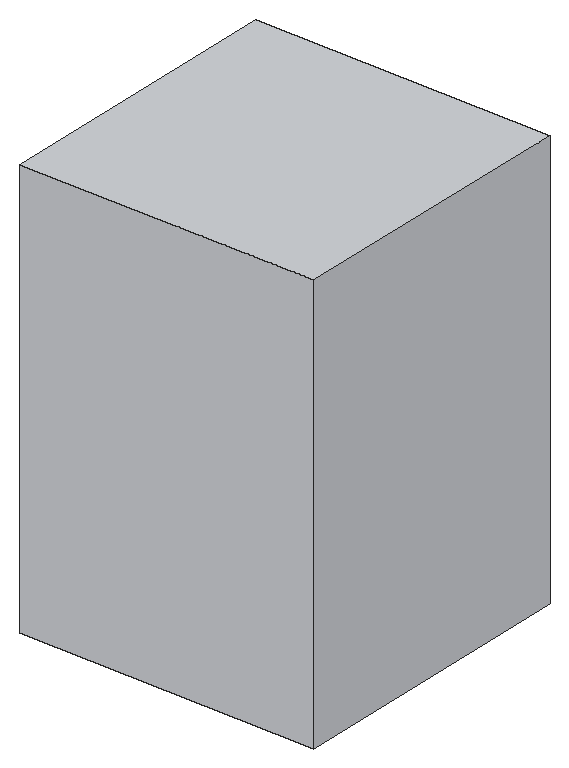
Revit family "9f352f5476924feaa6455db2493619c8", category Site, Revit 2021
Family settings
  Round Connector Dimension = Use Radius
  Part Type = Normal
  Seek Item ID = Roof Drain(s) Connection-0000-USA-ENU
  Work Plane-Based = No
  Always vertical = Yes
  Cut with Voids When Loaded = No
  Shared = No
Parameters (values of type "20"x20"")
  Width = 2' - 4"
  Outlet Radius [instance] = 0' - 4"
  Outlet Diameter [instance] = 2 * Outlet Radius  # 0' - 8"
  Length = 2' - 4"
  Inlet Radius [instance] = 0' - 4"
  Inlet Bottom Offset from Level [instance] = 2' - 8"
  Well Top Offset from Level [instance] = 0' - 8"
  Outlet Bottom Offset from Level [instance] = 2' - 8"
  Inlet Diameter [instance] = 2 * Inlet Radius  # 0' - 8"
  Height = 3' - 4"
Types (4): name | Width | Outlet Radius | Outlet Diameter | Length | Inlet Radius | Inlet Bottom Offset from Level | Outlet Bottom Offset from Level | Inlet Diameter | Height
  (no name) | 2' - 4" | 0' - 4" | 0' - 8" | 2' - 4" | 0' - 4" | 2' - 8" | 2' - 8" | 0' - 8" | 3' - 4"
  20"x20" | 2' - 4" | 0' - 4" | 0' - 8" | 2' - 4" | 0' - 4" | 2' - 8" | 2' - 8" | 0' - 8" | 3' - 4"
  24"x24" | 3' - 8" | 0' - 6" | 1' - 0" | 3' - 8" | 0' - 6" | 3' - 6" | 3' - 6" | 1' - 0" | 4' - 2"
  28"x28" | 4' - 0" | 0' - 8" | 1' - 4" | 4' - 0" | 0' - 8" | 4' - 10" | 4' - 10" | 1' - 4" | 5' - 0"
Reference planes (in)
  plane 1 "Center (Front/Back)": y = 0
  plane 2: z = 0
  plane 3 "Center (Left/Right)": x = 0
  plane 4: z = -28
  plane 5: x = 28
  plane 6: z = -8
  plane 7: z = -48
  plane 8: y = 14
  plane 9: y = -14
  plane 10: z = -28
  plane 11: z = -32
  plane 12: z = -32
  plane 13: x = 14
Forms (in)
  Extrusion 1, solid
    sketch origin (0, 0, 0) x (1, 0, 0) y (0, 0, 1)
      loop
        line (0, -8) -> (0, -48) -> (28, -48) -> (28, -8) -> (0, -8)
    from -14 to 14
  Extrusion 2, solid
    sketch origin (0, 0, 0) x (0, 1, 0) y (0, 0, 1)
      loop
        circle (0, -28) r 4
    from 0 to 12
  Extrusion 3, solid
    sketch origin (0, 0, 0) x (0, 1, 0) y (0, 0, 1)
      loop
        circle (0, -28) r 4
    from 22.16575 to 28
Cuts and joins
  joined: Extrusion 1, Extrusion 2, Extrusion 3
Dimensions and locks (in)
  "Length": plane 5 to plane 3 "Center (Left/Right)"
  "Height": plane 6 to plane 7
  equal spacing: plane 9, plane 1 "Center (Front/Back)", plane 8
  "Width": plane 8 to plane 9
  "Well Top Offset from Level": plane 2 to plane 6
  "Inlet Radius": plane 10 to plane 11
  "Outlet Radius": plane 4 to plane 12
  "Inlet Bottom Offset from Level": plane 2 to plane 11
  "Outlet Bottom Offset from Level": plane 2 to plane 12
  equal spacing: plane 3 "Center (Left/Right)", plane 13, plane 5
  "Inlet Radius": radius of Extrusion 2 sketch curve
  "Outlet Radius": radius of Extrusion 3 sketch curve
  aligned and locked: level to plane 2
  aligned and locked: plane 3 "Center (Left/Right)" to Extrusion 1 sketch curve
  aligned and locked: Extrusion 1 sketch curve to plane 6
  aligned and locked: plane 7 to Extrusion 1 sketch curve
  aligned and locked: Extrusion 1 sketch curve to plane 5
  aligned and locked: plane 8 to Extrusion 1
  aligned and locked: Extrusion 1 to plane 9
  aligned and locked: plane 10 to Extrusion 2 sketch curve
  aligned and locked: plane 1 "Center (Front/Back)" to Extrusion 2 sketch curve
  aligned and locked: plane 4 to Extrusion 3 sketch curve
  aligned and locked: plane 1 "Center (Front/Back)" to Extrusion 3 sketch curve
  aligned and locked: Extrusion 2 to plane 3 "Center (Left/Right)"
  aligned and locked: plane 5 to Extrusion 3
  aligned and locked: plane 13 to nested 1
  aligned and locked: plane 1 "Center (Front/Back)" to nested 1
Nested families (in)
  nested 1: "Symbol" at (14, 0, 0), type "Symbol"
Connectors (in)
  piping at (0, 0, -28), diameter 8, driven by "Inlet Radius"
    settings: on Extrusion 2, index 1, connector inside diameter 8", connector length 0' - 0", flow factor 0, pipe flow 0 GPM, pressure drop 0.00 psi, fitting loss kfactor 0, connector angle 0.00°, fixture units 0, engagement length 0' - 0", angle of deflection 0.00°, flow configuration 0, flow direction 1, fitting loss method 0, system type 29, joint type 0, gender type 0, connector reference index 2, connector utility 0, adjustable connector no, is connector primary yes, connector description "Storm In"
  piping at (28, 0, -28), diameter 8, driven by "Outlet Radius"
    settings: on Extrusion 3, index 2, connector inside diameter 8", connector length 0' - 0", flow factor 0, pipe flow 0 GPM, pressure drop 0.00 psi, fitting loss kfactor 0, connector angle 0.00°, fixture units 0, engagement length 0' - 0", angle of deflection 0.00°, flow configuration 0, flow direction 2, fitting loss method 0, system type 29, joint type 0, gender type 0, connector reference index 1, connector utility 1, adjustable connector no, is connector primary no, connector description "Storm Out"
Definition of nested family "Symbol"
  Reference planes (in)
    plane 1: y = 0
    plane 2: x = 0
  Text (in)
    text "Storm" at (-0.16498, 0.07572, 0)
